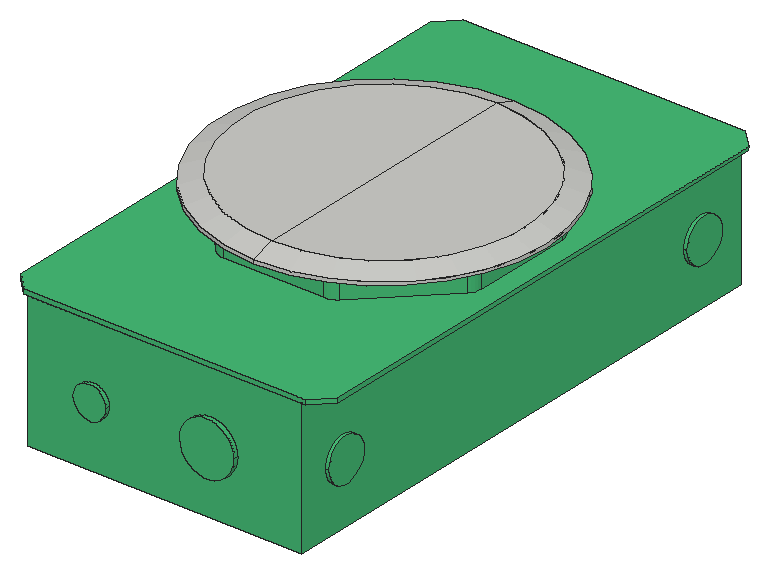
Revit family "Electrical_Equipment-Floor_Box-Hubbell_Wiring-2_Gang-Concrete_Deep-CFB2G30R", category Electrical Fixtures, host Face, Revit 2015
Parameters (values of type "CFB2G30RCR")
  URL = "http://www.hubbell-wiring.com/"
  Product data url = "https://bimobject.com/hubbellwiring/product/hubbell-cfb2g30"
  Product Page URL = "http://ecatalog.hubbell-wiring.com/productinformation/viewcatalog.aspx?Dest=hubbell-wiring.com/press/catalog/O.pdf"
  Product Documentation Link = "http://www.hubbell-wiring.com/DrawingLibrary.aspx/"
  Model = "CFB2G30RCR"
  Manufacturer = "Hubbell-Wiring"  # constant formula
  Keynote = ""
  Device Plate 2 [instance] = Device Plate : FBMP139 - Simplex / 20A - 1.39" circular opening
  Device Plate 1 [instance] = Device Plate : FBMP139 - Simplex / 20A - 1.39" circular opening
  Description = "Concrete Floor Box, 2 Gang for 6in Round cover Deep"  # constant formula
  Default Elevation = 0.00"
  Cover Type [instance] = CFBS1R6FFCVR : CFBS1R6FFCVRNK - Nickel Cover
  Conduit Connector_9 Description = "Conduit 1in. 0.75in. or 0.5in. Connection"
  Conduit Connector_8 Description = "Conduit 1in. 0.75in. or 0.5in. Connection"
  Conduit Connector_7 Description = "Conduit 1in. 0.75in. or 0.5in. Connection"
  Conduit Connector_6 Description = "Conduit 1in. 0.75in. or 0.5in. Connection"
  Conduit Connector_5 Description = "Conduit 1in. 0.75in. or 0.5in. Connection"
  Conduit Connector_4 Description = "Conduit 1.25in. 1in. or 0.75in. Connection"
  Conduit Connector_3 Description = "Conduit 1in. 0.75in. or 0.5in. Connection"
  Conduit Connector_2 Description = "Conduit 1in. 0.75in. or 0.5in. Connection"
  Conduit Connector_12 Description = "Conduit 0.75in. or 0.5in. Connection"
  Conduit Connector_11 Description = "Conduit 0.75in. or 0.5in. Connection"
  Conduit Connector_10 Description = "Conduit 1in. 0.75in. or 0.5in. Connection"
  Conduit Connector_1 Description = "Conduit 1.25in. 1in. or 0.75in. Connection"
  Conduit Connector 4 Radius = 0.50"
  Conduit Connector 3 Radius = 0.375"
  Conduit Connector 2 Radius = 0.50"
  Conduit Connector 1 Radius = 0.625"
  Box Material = Metal - Hubbell - Green Finish
  Assembly Code = "D5020115"
Types (2): name | Model | Cover Type | Conduit Connector 3 Radius | Conduit Connector 1 Radius | Box Material
  CFB2G30R | "CFB2G30R" | CFBS1R6FFCVR : CFBS1R6FFCVRALU - Aluminum Cover | 0.38" | 0.63" | Metal - Hubbell - Steel
  CFB2G30RCR | "CFB2G30RCR" | CFBS1R6FFCVR : CFBS1R6FFCVRNK - Nickel Cover | 0.375" | 0.625" | Metal - Hubbell - Green Finish
Reference planes (in)
  plane 1 "Center (Front/Back)": y = 0
  plane 2 "Reference level": z = 0
  plane 3 "Center (Left/Right)": x = 0
  plane 4: z = -3.75
  plane 5: x = -3.16
  plane 6: x = 3.16
  plane 7: y = 6.3285
  plane 8: y = -6.3285
  plane 9: z = -0.64
  plane 10: z = -3.69
  plane 11: y = -6.4285
  plane 12: x = -3.26
  plane 13: y = 6.4285
  plane 14: x = 3.26
  plane 15: z = -2.2835
  plane 16: z = -3.85
  plane 17: x = -3.06
  plane 18: x = 3.06
  plane 19: y = 6.2285
  plane 20: y = -6.2285
  plane 21: z = -0.54
Forms (in)
  Extrusion 1, solid, material "Metal - Hubbell - Green Finish" <- "Box Material"
    sketch origin (0, 0, 0) x (1, 0, 0) y (0, 1, 0)
      loop
        line (-3.16, 6.3285) -> (-3.16, -6.3285) -> (3.16, -6.3285) -> (3.16, 6.3285) -> (-3.16, 6.3285)
    from -3.75 to -0.64
  Extrusion 2, solid, material "Metal - Hubbell - Green Finish" <- "Box Material", detail levels medium+fine
    sketch origin (0, 0, 0) x (0, 1, 0) y (0, 0, 1)
      loop
        circle (5.1645, -2.2835) r 0.5
      loop
        circle (-5.1645, -2.2835) r 0.5
    from -3.26 to -3.16
  Extrusion 3, solid, material "Metal - Hubbell - Green Finish" <- "Box Material", detail levels medium+fine
    sketch origin (0, 0, 0) x (0, 1, 0) y (0, 0, -1)
      loop
        circle (5.1645, 2.2835) r 0.5
      loop
        circle (-5.1645, 2.2835) r 0.5
    from -3.26 to -3.16
  Extrusion 4, solid, material "Metal - Hubbell - Green Finish" <- "Box Material", detail levels medium+fine
    sketch origin (0, 0, 0) x (1, 0, 0) y (0, 0, 1)
      loop
        circle (1.048, -2.2835) r 0.625
      loop
        circle (-1.661, -2.2835) r 0.375
    from 6.3285 to 6.4285
  Extrusion 5, solid, material "Metal - Hubbell - Green Finish" <- "Box Material", detail levels medium+fine
    sketch origin (0, 0.32812, 0) x (1, 0, 0) y (0, 0, -1)
      loop
        circle (1.048, 2.2835) r 0.625
      loop
        circle (-1.661, 2.2835) r 0.375
    from 6.00038 to 6.10038
  Extrusion 6, solid, material "Metal - Hubbell - Green Finish" <- "Box Material", detail levels medium+fine
    sketch origin (0, 0, 0) x (1, 0, 0) y (0, 1, 0)
      loop
        circle (-1.9915, 5.24) r 0.5
      loop
        circle (1.9915, 5.24) r 0.5
      loop
        circle (-1.9915, -5.24) r 0.5
      loop
        circle (1.9915, -5.24) r 0.5
    from -3.85 to -3.75
  Extrusion 7, void
    sketch origin (0, 0, 0) x (1, 0, 0) y (0, 1, 0)
      loop
        line (-3.06, -6.2285) -> (3.06, -6.2285) -> (3.06, 6.2285) -> (-3.06, 6.2285) -> (-3.06, -6.2285)
    from -3.69 to -0.64
  Sweep 8, solid, material "Metal - Hubbell - Green Finish" <- "Box Material"
    path origin (0, 0, 0) x (0, 1, 0) y (0, 0, 1)
      loop
        line (0, -0.54) -> (0, 0)
    profile origin (0, 0, -0.27) x (0, -1, 0) y (1, 0, 0)
      loop
        arc (-3.0686, 1.43426) -> (-3.15401, 1.30643) -> (-3.184, 1.15566) r 0.394
        line (-3.184, 1.15566) -> (-3.184, -1.15566)
        arc (-3.184, -1.15566) -> (-3.15401, -1.30643) -> (-3.0686, -1.43426) r 0.394
        line (-3.0686, -1.43426) -> (-1.43426, -3.0686)
        arc (-1.43426, -3.0686) -> (-1.30643, -3.15401) -> (-1.15566, -3.184) r 0.394
        line (-1.15566, -3.184) -> (1.15566, -3.184)
        arc (1.15566, -3.184) -> (1.30643, -3.15401) -> (1.43426, -3.0686) r 0.394
        line (1.43426, -3.0686) -> (3.0686, -1.43426)
        arc (3.0686, -1.43426) -> (3.15401, -1.30643) -> (3.184, -1.15566) r 0.394
        line (3.184, -1.15566) -> (3.184, 1.15566)
        arc (3.184, 1.15566) -> (3.15401, 1.30643) -> (3.0686, 1.43426) r 0.394
        line (3.0686, 1.43426) -> (1.43426, 3.0686)
        arc (1.43426, 3.0686) -> (1.30643, 3.15401) -> (1.15566, 3.184) r 0.394
        line (1.15566, 3.184) -> (-1.15566, 3.184)
        arc (-1.15566, 3.184) -> (-1.30643, 3.15401) -> (-1.43426, 3.0686) r 0.394
        line (-1.43426, 3.0686) -> (-3.0686, 1.43426)
      loop
        line (-1.36355, 2.99789) -> (-2.99789, 1.36355)
        arc (-2.99789, 1.36355) -> (-3.06162, 1.26816) -> (-3.084, 1.15566) r 0.294
        line (-3.084, 1.15566) -> (-3.084, -1.15566)
        arc (-3.084, -1.15566) -> (-3.06162, -1.26816) -> (-2.99789, -1.36355) r 0.294
        line (-2.99789, -1.36355) -> (-1.36355, -2.99789)
        arc (-1.36355, -2.99789) -> (-1.26816, -3.06162) -> (-1.15566, -3.084) r 0.294
        line (-1.15566, -3.084) -> (1.15566, -3.084)
        arc (1.15566, -3.084) -> (1.26816, -3.06162) -> (1.36355, -2.99789) r 0.294
        line (1.36355, -2.99789) -> (2.99789, -1.36355)
        arc (2.99789, -1.36355) -> (3.06162, -1.26816) -> (3.084, -1.15566) r 0.294
        line (3.084, -1.15566) -> (3.084, 1.15566)
        arc (3.084, 1.15566) -> (3.06162, 1.26816) -> (2.99789, 1.36355) r 0.294
        line (2.99789, 1.36355) -> (1.36355, 2.99789)
        arc (1.36355, 2.99789) -> (1.26816, 3.06162) -> (1.15566, 3.084) r 0.294
        line (1.15566, 3.084) -> (-1.15566, 3.084)
        arc (-1.15566, 3.084) -> (-1.26816, 3.06162) -> (-1.36355, 2.99789) r 0.294
  Sweep 9, solid, material "Metal - Hubbell - Green Finish" <- "Box Material"
    path origin (0, 0, 0) x (0, 1, 0) y (0, 0, 1)
      loop
        line (0, -0.64) -> (0, -0.54)
    profile origin (0, 0, -0.59) x (0, -1, 0) y (1, 0, 0)
      loop
        line (5.925, -3.66) -> (6.3285, -3.2565) -> (6.3285, 3.2565) -> (5.925, 3.66) -> (-5.925, 3.66) -> (-6.3285, 3.2565) -> (-6.3285, -3.2565) -> (-5.925, -3.66) -> (5.925, -3.66)
      loop
        arc (1.15566, -3.084) -> (1.26816, -3.06162) -> (1.36355, -2.99789) r 0.294
        line (1.36355, -2.99789) -> (2.99789, -1.36355)
        arc (2.99789, -1.36355) -> (3.06162, -1.26816) -> (3.084, -1.15566) r 0.294
        line (3.084, -1.15566) -> (3.084, 1.15566)
        arc (3.084, 1.15566) -> (3.06162, 1.26816) -> (2.99789, 1.36355) r 0.294
        line (2.99789, 1.36355) -> (1.36355, 2.99789)
        arc (1.36355, 2.99789) -> (1.26816, 3.06162) -> (1.15566, 3.084) r 0.294
        line (1.15566, 3.084) -> (-1.15566, 3.084)
        arc (-1.15566, 3.084) -> (-1.26816, 3.06162) -> (-1.36355, 2.99789) r 0.294
        line (-1.36355, 2.99789) -> (-2.99789, 1.36355)
        arc (-2.99789, 1.36355) -> (-3.06162, 1.26816) -> (-3.084, 1.15566) r 0.294
        line (-3.084, 1.15566) -> (-3.084, -1.15566)
        arc (-3.084, -1.15566) -> (-3.06162, -1.26816) -> (-2.99789, -1.36355) r 0.294
        line (-2.99789, -1.36355) -> (-1.36355, -2.99789)
        arc (-1.36355, -2.99789) -> (-1.26816, -3.06162) -> (-1.15566, -3.084) r 0.294
        line (-1.15566, -3.084) -> (1.15566, -3.084)
Cuts and joins
  Extrusion 7 cuts Extrusion 1
Lines and regions (in)
  symbolic lines
    curve 1: line (-3.16, 0, 0) -> (-3.16, 0, -3.75)
    curve 2: line (-3.16, 0, -3.75) -> (3.16, 0, -3.75)
    curve 3: line (3.16, 0, -3.75) -> (3.16, 0, 0)
    curve 4: line (0, 6.3285, -3.75) -> (0, 6.3285, -0.54)
    curve 5: line (0, 6.3285, -0.54) -> (0, -6.3285, -0.54)
    curve 6: line (0, -6.3285, -0.54) -> (0, -6.3285, -3.75)
    curve 7: line (0, 6.3285, -3.75) -> (0, -6.3285, -3.75)
    curve 8: line (-3.16, 0, 0) -> (3.16, 0, 0)
Dimensions and locks (in)
  level to plane 4 = 3.75"
  equal spacing: Extrusion 2 sketch curve, plane 1 "Center (Front/Back)", Extrusion 2 sketch curve
  locked: Extrusion 2 sketch curve to plane 1 "Center (Front/Back)" at 5.1645
  locked: Extrusion 4 sketch curve to plane 3 "Center (Left/Right)" at 1.048
  equal spacing: Extrusion 3 sketch curve, plane 1 "Center (Front/Back)", Extrusion 3 sketch curve
  locked: Extrusion 3 sketch curve to plane 1 "Center (Front/Back)" at 5.1645
  locked: Extrusion 5 sketch curve to plane 3 "Center (Left/Right)" at 1.048
  equal spacing: Extrusion 6 sketch curve, plane 1 "Center (Front/Back)", Extrusion 6 sketch curve  (x2)
  locked: plane 1 "Center (Front/Back)" to Extrusion 6 sketch curve at 5.24  (x2)
  equal spacing: Extrusion 6 sketch curve, plane 3 "Center (Left/Right)", Extrusion 6 sketch curve  (x2)
  locked: Extrusion 6 sketch curve to plane 3 "Center (Left/Right)" at 1.9915  (x2)
  locked: plane 3 "Center (Left/Right)" to Extrusion 4 sketch curve at 1.661
  locked: plane 3 "Center (Left/Right)" to Extrusion 5 sketch curve at 1.661
  locked: plane 12 to plane 14 at 6.52
  equal spacing: plane 12, plane 3 "Center (Left/Right)", plane 14
  equal spacing: plane 5, plane 3 "Center (Left/Right)", plane 6, locked at 3.16 each
  equal spacing: plane 17, plane 3 "Center (Left/Right)", plane 18, locked at 3.06 each
  locked: plane 11 to plane 13 at 12.857
  equal spacing: plane 11, plane 1 "Center (Front/Back)", plane 13
  equal spacing: plane 8, plane 1 "Center (Front/Back)", plane 7, locked at 6.3285 each
  equal spacing: plane 19, plane 1 "Center (Front/Back)", plane 20, locked at 6.2285 each
  locked: plane 2 "Reference level" to plane 9 at 0.64
  locked: plane 3 "Center (Left/Right)" to Sweep 8 at 3.184
  locked: plane 3 "Center (Left/Right)" to Sweep 9 at 3.66
  "Conduit Connector 2 Radius": radius of Extrusion 2 sketch curve  (x2)
  "Conduit Connector 2 Radius": radius of Extrusion 3 sketch curve  (x2)
  "Conduit Connector 3 Radius": radius of Extrusion 4 sketch curve
  "Conduit Connector 1 Radius": radius of Extrusion 4 sketch curve
  "Conduit Connector 1 Radius": radius of Extrusion 5 sketch curve
  "Conduit Connector 3 Radius": radius of Extrusion 5 sketch curve
  "Conduit Connector 4 Radius": radius of Extrusion 6 sketch curve  (x4)
  aligned and locked: host face to plane 2 "Reference level"
  aligned and locked: level to host face
  aligned and locked: Extrusion 1 to plane 4
  aligned and locked: plane 5 to Extrusion 2
  aligned and locked: Extrusion 2 to plane 12
  aligned and locked: Extrusion 3 to plane 14
  aligned and locked: plane 11 to Extrusion 4
  aligned and locked: Extrusion 4 to plane 8
  aligned and locked: plane 13 to Extrusion 5
  aligned and locked: Extrusion 5 to plane 7
  aligned and locked: Extrusion 6 to plane 16
  aligned and locked: plane 4 to Extrusion 6
  aligned and locked: cut or joined group of Extrusion 1, Extrusion 7 to plane 10
  aligned and locked: plane 7 to cut or joined group of Extrusion 1, Extrusion 7
  aligned and locked: plane 9 to cut or joined group of Extrusion 1, Extrusion 7
  aligned and locked: plane 1 "Center (Front/Back)" to Sweep 8 sketch curve
  aligned and locked: plane 2 "Reference level" to Sweep 8 sketch curve
  aligned and locked: plane 21 to Sweep 8 sketch curve
  aligned and locked: plane 1 "Center (Front/Back)" to Sweep 9 sketch curve
  aligned and locked: plane 21 to Sweep 9 sketch curve
  aligned and locked: plane 9 to Sweep 9 sketch curve
  aligned and locked: plane 3 "Center (Left/Right)" to nested 1
  aligned and locked: plane 1 "Center (Front/Back)" to nested 1
  aligned and locked: plane 8 to cut or joined group of Extrusion 1, Extrusion 7
  aligned and locked: cut or joined group of Extrusion 1, Extrusion 7 to plane 5
  aligned and locked: cut or joined group of Extrusion 1, Extrusion 7 to plane 6
  aligned and locked: curve 2 to Extrusion 3
  aligned and locked: curve 1 to plane 5
  aligned and locked: curve 2 to plane 4
  aligned and locked: curve 8 to plane 2 "Reference level"
  aligned and locked: curve 5 to plane 21
  aligned and locked: curve 6 to plane 8
  aligned and locked: curve 7 to plane 4
  aligned and locked: curve 4 to plane 7
  aligned and locked: Extrusion 7 sketch curve to plane 17
  aligned and locked: plane 19 to Extrusion 7 sketch curve
  aligned and locked: Extrusion 7 sketch curve to plane 18
  aligned and locked: Extrusion 7 sketch curve to plane 20
  aligned and locked: Extrusion 1 to Extrusion 7
  aligned and locked: plane 6 to Extrusion 3
Automatic sketch dimensions
  host sketch curve to host sketch curve = 96.00"  (x2)
  Extrusion 1 sketch curve to plane 5 = 0.00"
  Extrusion 1 sketch curve to plane 6 = 0.00"
  plane 8 to Extrusion 1 sketch curve = 0.00"
  plane 7 to Extrusion 1 sketch curve = 0.00"
  Sweep 8 sketch curve to Sweep 8 sketch curve = 0.00"  (x22)
  profile plane to Sweep 8 sketch curve = 3.184"
  Sweep 8 sketch curve to Sweep 8 sketch curve = 0.10"  (x2)
  Sweep 8 sketch curve to plane 3 "Center (Left/Right)" = 1.43426"
  Sweep 8 sketch curve to Sweep 8 sketch curve = 0.0154"  (x2)
  Sweep 8 sketch curve to Sweep 8 sketch curve = 0.07071"  (x10)
  plane 3 "Center (Left/Right)" to Sweep 8 sketch curve = 1.36355"  (x2)
  Sweep 8 sketch curve to Sweep 8 sketch curve = 0.20789"  (x9)
  Sweep 8 sketch curve to Sweep 8 sketch curve = 0.294"
  profile plane to Sweep 8 sketch curve = 1.43426"  (x2)
  Sweep 8 sketch curve to profile plane = 1.15566"  (x2)
  Sweep 8 sketch curve to plane 3 "Center (Left/Right)" = 1.15566"
  Sweep 8 sketch curve to Sweep 8 sketch curve = 1.63434"  (x4)
  Sweep 8 sketch curve to Sweep 8 sketch curve = 0.08611"
  profile plane to Sweep 9 sketch curve = 6.3285"
  Sweep 9 sketch curve to Sweep 9 sketch curve = 0.4035"  (x5)
  plane 3 "Center (Left/Right)" to Sweep 9 sketch curve = 1.15566"
  Sweep 9 sketch curve to Sweep 9 sketch curve = 0.08611"  (x4)
  plane 3 "Center (Left/Right)" to Sweep 9 sketch curve = 1.36355"  (x2)
  Sweep 9 sketch curve to Sweep 9 sketch curve = 0.294"
  profile plane to Sweep 9 sketch curve = 1.36355"  (x2)
  Sweep 9 sketch curve to Sweep 9 sketch curve = 0.20789"  (x8)
  Sweep 9 sketch curve to profile plane = 1.15566"  (x2)
  Sweep 9 sketch curve to Sweep 9 sketch curve = 1.63434"  (x5)
  Sweep 9 sketch curve to plane 3 "Center (Left/Right)" = 1.36355"  (x2)
  Sweep 9 sketch curve to Sweep 9 sketch curve = 2.92711"  (x2)
  Sweep 9 sketch curve to plane 3 "Center (Left/Right)" = 3.2565"  (x2)
  plane 3 "Center (Left/Right)" to Sweep 9 sketch curve = 3.2565"  (x2)
  Sweep 9 sketch curve to Sweep 9 sketch curve = 1.72045"
  Extrusion 2 sketch curve to plane 15 = 0.00"  (x2)
  Extrusion 3 sketch curve to plane 15 = 0.00"  (x2)
  Extrusion 4 sketch curve to plane 15 = 0.00"  (x2)
  Extrusion 5 sketch curve to plane 15 = 0.00"  (x2)
Nested families (in)
  nested 1: "CFBS1R6FFCVR" at (0, 0, 0), type <- "Cover Type", type "CFBS1R6FFCVRNK - Nickel Cover"
Connectors (in)
  cabletrayconduit at (1.048, -6.4285, -2.2835), diameter 1.25, driven by "Conduit Connector 1 Radius", driven by "Conduit Connector_1 Description"
    settings: on Extrusion 4, index 1, connector width 12.00", connector height 12.00", connector angle 0.00°, system type 32, placement type 0, profile type 0, connector reference index -1, is primary connector yes, connector utility param no, connector description "Conduit 1.25in. 1in. or 0.75in. Connection"
  cabletrayconduit at (-3.26, -5.1645, -2.2835), diameter 1, driven by "Conduit Connector 2 Radius", driven by "Conduit Connector_2 Description"
    settings: on Extrusion 2, index 2, connector width 12.00", connector height 12.00", connector angle 0.00°, system type 32, placement type 0, profile type 0, connector reference index -1, is primary connector no, connector utility param no, connector description "Conduit 1in. 0.75in. or 0.5in. Connection"
  cabletrayconduit at (-3.26, 5.1645, -2.2835), diameter 1, driven by "Conduit Connector 2 Radius", driven by "Conduit Connector_3 Description"
    settings: on Extrusion 2, index 3, connector width 12.00", connector height 12.00", connector angle 0.00°, system type 32, placement type 0, profile type 0, connector reference index -1, is primary connector no, connector utility param no, connector description "Conduit 1in. 0.75in. or 0.5in. Connection"
  cabletrayconduit at (1.048, 6.4285, -2.2835), diameter 1.25, driven by "Conduit Connector 1 Radius", driven by "Conduit Connector_4 Description"
    settings: on Extrusion 5, index 4, connector width 12.00", connector height 12.00", connector angle 0.00°, system type 32, placement type 0, profile type 0, connector reference index -1, is primary connector no, connector utility param no, connector description "Conduit 1.25in. 1in. or 0.75in. Connection"
  cabletrayconduit at (3.26, 5.1645, -2.2835), diameter 1, driven by "Conduit Connector 2 Radius", driven by "Conduit Connector_5 Description"
    settings: on Extrusion 3, index 5, connector width 12.00", connector height 12.00", connector angle 0.00°, system type 32, placement type 0, profile type 0, connector reference index -1, is primary connector no, connector utility param no, connector description "Conduit 1in. 0.75in. or 0.5in. Connection"
  cabletrayconduit at (3.26, -5.1645, -2.2835), diameter 1, driven by "Conduit Connector 2 Radius", driven by "Conduit Connector_6 Description"
    settings: on Extrusion 3, index 6, connector width 12.00", connector height 12.00", connector angle 0.00°, system type 32, placement type 0, profile type 0, connector reference index -1, is primary connector no, connector utility param no, connector description "Conduit 1in. 0.75in. or 0.5in. Connection"
  cabletrayconduit at (1.9915, -5.24, -3.85), diameter 1, driven by "Conduit Connector 4 Radius", driven by "Conduit Connector_7 Description"
    settings: on Extrusion 6, index 7, connector width 12.00", connector height 12.00", connector angle 0.00°, system type 32, placement type 0, profile type 0, connector reference index -1, is primary connector no, connector utility param no, connector description "Conduit 1in. 0.75in. or 0.5in. Connection"
  cabletrayconduit at (-1.9915, -5.24, -3.85), diameter 1, driven by "Conduit Connector 4 Radius", driven by "Conduit Connector_8 Description"
    settings: on Extrusion 6, index 8, connector width 12.00", connector height 12.00", connector angle 0.00°, system type 32, placement type 0, profile type 0, connector reference index -1, is primary connector no, connector utility param no, connector description "Conduit 1in. 0.75in. or 0.5in. Connection"
  cabletrayconduit at (-1.9915, 5.24, -3.85), diameter 1, driven by "Conduit Connector 4 Radius", driven by "Conduit Connector_9 Description"
    settings: on Extrusion 6, index 9, connector width 12.00", connector height 12.00", connector angle 0.00°, system type 32, placement type 0, profile type 0, connector reference index -1, is primary connector no, connector utility param no, connector description "Conduit 1in. 0.75in. or 0.5in. Connection"
  cabletrayconduit at (1.9915, 5.24, -3.85), diameter 1, driven by "Conduit Connector 4 Radius", driven by "Conduit Connector_10 Description"
    settings: on Extrusion 6, index 10, connector width 12.00", connector height 12.00", connector angle 0.00°, system type 32, placement type 0, profile type 0, connector reference index -1, is primary connector no, connector utility param no, connector description "Conduit 1in. 0.75in. or 0.5in. Connection"
  cabletrayconduit at (-1.661, -6.4285, -2.2835), diameter 0.75, driven by "Conduit Connector 3 Radius", driven by "Conduit Connector_11 Description"
    settings: on Extrusion 4, index 11, connector width 12.00", connector height 12.00", connector angle 0.00°, system type 32, placement type 0, profile type 0, connector reference index -1, is primary connector no, connector utility param no, connector description "Conduit 0.75in. or 0.5in. Connection"
  cabletrayconduit at (-1.661, 6.4285, -2.2835), diameter 0.75, driven by "Conduit Connector 3 Radius", driven by "Conduit Connector_12 Description"
    settings: on Extrusion 5, index 12, connector width 12.00", connector height 12.00", connector angle 0.00°, system type 32, placement type 0, profile type 0, connector reference index -1, is primary connector no, connector utility param no, connector description "Conduit 0.75in. or 0.5in. Connection"
Definition of nested family "CFBS1R6FFCVR"
  Parameters
    URL = "http://www.hubbell-wiring.com/"
    Product Page URL = ""
    Product Documentation Link = ""
    Model = "CFBS1R6FFCVRNK"
    Manufacturer = "Hubbell-Wiring"  # constant formula
    Description = "Furniture Feed Cover, System one 6 Inch For 2 Gang Recessed Round Cover Floor Boxes"  # constant formula
    Default Elevation = 0.00"
    Cover Material = none
    Assembly Code = "D5020115"
  Reference planes (in)
    plane 1 "Center (Front/Back)": y = 0
    plane 2: z = 0
    plane 3 "Center (Left/Right)": x = 0
  Forms (in)
    Extrusion 1, solid
      sketch origin (0, 0, 0) x (1, 0, 0) y (0, 1, 0)
        loop
          line (-48, 48) -> (-48, -48) -> (48, -48) -> (48, 48) -> (-48, 48)
      from 0 to -12
    Revolve 2, solid, material <- "Cover Material"
      sketch origin (0, 0, 0) x (0, 1, 0) y (0, 0, 1)
        loop
          line (0, 0.24) -> (-3.25, 0.24) -> (-3.75, 0.07409) -> (-3.75, 0) -> (-2.965, 0) -> (-2.965, -0.76) -> (0, -0.76) -> (0, 0.24)
        axis (0, 0.24) -> (0, -0.76)
      angle from 0 to 360
  Lines and regions (in)
    symbolic lines
      curve 1: line (-3.24941, 0, 0.24) -> (3.24984, 0, 0.24)
      curve 2: line (3.74984, 0, 0) -> (-3.74941, 0, 0)
      curve 3: line (2.96497, 0, -0.76) -> (-2.96469, 0, -0.76)
      curve 4: line (2.96497, 0, 0) -> (2.96497, 0, -0.76)
      curve 5: line (-2.96469, 0, -0.76) -> (-2.96469, 0, 0)
      curve 6: line (0, 3.24986, 0.24) -> (0, -3.2482, 0.24)
      curve 7: line (0, -3.7482, 0) -> (0, 3.74986, 0)
      curve 8: line (0, 2.96459, -0.76) -> (0, 2.96459, 0)
      curve 9: line (0, -2.96501, -0.76) -> (0, 2.96459, -0.76)
      curve 10: line (0, -2.96501, 0) -> (0, -2.96501, -0.76)
      curve 16: line (-3.74941, 0, 0) -> (-3.74941, 0, 0.07409)
      curve 17: line (3.74984, 0, 0) -> (3.74984, 0, 0.07409)
      curve 19: line (-3.74941, 0, 0.07409) -> (-3.24941, 0, 0.24)
      curve 21: line (3.24984, 0, 0.24) -> (3.74984, 0, 0.07409)
      curve 24: line (0, 3.24986, 0.24) -> (0, 3.74986, 0.07409)
      curve 25: line (0, -3.2482, 0.24) -> (0, -3.7482, 0.07409)
      curve 26: line (0, -3.7482, 0.07409) -> (0, -3.7482, 0)
      curve 27: line (0, 3.74986, 0) -> (0, 3.74986, 0.07409)
      curve 34: circle (0, 0, 0) r 3.25 normal (0, 0, 1)
      curve 35: circle (0, 0, 0) r 3.75 normal (0, 0, 1)
    reference lines
      curve 11: line (-2.98985, 0, 0.53206) -> (-4.78257, 0, -0.06281)
      curve 12: arc (-1.875, 2.145, 0) -> (-1.69822, 2.07178, 0) -> (-1.625, 1.895, 0) r 0.25
      curve 13: arc (-1.875, -2.145, 0) -> (-1.69822, -2.07178, 0) -> (-1.625, -1.895, 0) r 0.25
      curve 14: arc (1.875, 2.145, 0) -> (1.69822, 2.07178, 0) -> (1.625, 1.895, 0) r 0.25
      curve 15: arc (1.875, -2.145, 0) -> (1.69822, -2.07178, 0) -> (1.625, -1.895, 0) r 0.25
      curve 18: line (-3.87, 0, 0.24) -> (-4.37, 0, 0.07409)
      curve 20: line (3.51326, 0, 0.35838) -> (4.59327, 0, 0)
      curve 22: line (0, 6.70455, 0.32476) -> (0, 7.57568, 0.0357)
      curve 23: line (0, -6.61229, 0.35538) -> (0, -7.58929, 0.03119)
    model lines, detail levels medium+fine
      curve 28: circle (1.55466, -0.01388, 0.24) r 1 normal (0, 0, 1)
      curve 29: circle (-1, 0, 0.24) r 0.375 normal (0, 0, 1)
      curve 30: line (-0.75895, 0.28727, 0.24) -> (-1.24105, -0.28727, 0.24)
      curve 31: line (-0.72982, 0.26005, 0.24) -> (-1.20918, -0.31124, 0.24)
      curve 32: line (0.91187, 0.75216, 0.24) -> (2.19744, -0.77992, 0.24)
      curve 33: line (0.94021, 0.77508, 0.24) -> (2.22493, -0.75599, 0.24)
  Dimensions and locks (in)
    radius of curve 28 = 1.00"
    aligned and locked: plane 2 to Extrusion 1
    aligned and locked: level to Extrusion 1
